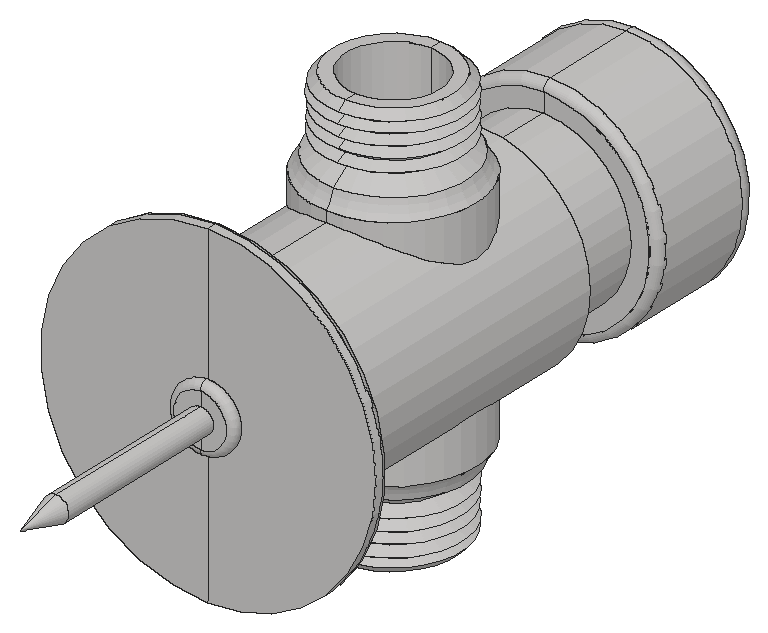
Revit family
Parameters (values of type "Type 1")
  WarrantyDurationUnit = "10 years"
  WarrantyDescription = "Any manufacturing defect"
  Version = "v1"
  URL = "http://www.delabie.com"
  Type Comments = "Exposed time flow valve"
  SerialNumber = "3456330009690"
  Radius = 10.3 mm
  ProductInformation = "http://www.delabie.com/products/777000"
  Operation = "Time flow valve"
  NominalHeight = 62 mm
  Name = "TEMPOSTOP"
  ModelNumber = "777000"
  Model = "TEMPOSTOP"
  Material = Solid brass
  ManufacturerURL = "http://www.delabie.com"
  ManufacturerName = "DELABIE"
  Manufacturer = "DELABIE"
  IntegralAccessoryOptions = "Neck tube, floor trap, siphon"
  FlowRate lps = "0.15 lps at 3 bar"
  FlowRate lpm = "9 lpm at 3 bar"
  Finish = Chrome-plated
  Features  = "Exposed time flow urinal valve:\r\nFor standard, siphon action, or stall urinals.\r\nTime flow ~3 sec.\r\nFlow rate pre-set at 0.15 l/sec., can be adjusted.\r\nChrome-plated solid brass body M½\".\r\nWall plate.\r\nStraight for in-line inlet."
  Description = "French manufacturer Delabie is a leader in the European sanitary ware market for non-domestic places. Water controls, solutions for disabled people, sanitary ware, for schools, leisure centres, offices, hospitals, airports…"
  Category = "Urinal valve"
  CW Connection = no
  Assembly Code = ""
Reference planes
  plane 1: y = 0
  plane 2 "Center (Left/Right)": x = 125
  plane 3 "Back": y = 75
Forms (mm)
  Revolve 1, solid, material "Solid brass"
    sketch origin (125.195, 98.525, 189.953) x (0, 0, -1) y (0, 1, 0)
      loop
        line (0, 58.655) -> (-9.137, 58.655)
        arc (-9.137, 58.655) -> (-12.669, 58.035) -> (-16.079, 56.924) r 25.371
        arc (-16.079, 56.924) -> (-17.063, 56.003) -> (-17.178, 54.659) r 1.88
        line (-17.178, 54.659) -> (-17.178, 40.452)
        arc (-17.178, 40.452) -> (-16.777, 39.485) -> (-15.81, 39.084) r 1.368
        line (-15.81, 39.084) -> (-13, 39.084) -> (-13, 29.084) -> (-13.595, 28.489) -> (-13.595, 27.5) -> (-16.177, 27.5) -> (-16.177, -16.184) -> (-14.965, -16.184) -> (-24.4, -21.2)
        arc (-24.4, -21.2) -> (-24.811, -21.57) -> (-25, -22.09) r 1.142
        line (-25, -22.09) -> (-25, -23.525) -> (-4.915, -23.525)
        arc (-4.915, -23.525) -> (-4.807, -24.514) -> (-3.931, -24.985) r 1.068
        line (-3.931, -24.985) -> (-1.894, -24.985) -> (-1.894, -51.931) -> (0, -58.6) -> (0, 58.655)
      axis (0, -58.6) -> (0, 58.655)
    angle from 0 to 360
  Revolve 2, solid, material "Solid brass"
    sketch origin (125.195, 98.525, 189.953) x (0, 0, -1) y (0, 1, 0)
      loop
        line (-31, 11) -> (-10, 11) -> (-10, 23.416) -> (-17.66, 23.416)
        arc (-17.66, 23.416) -> (-18.878, 22.584) -> (-20.255, 22.053) r 6.374
        line (-20.255, 22.053) -> (-22.079, 19.448) -> (-23.123, 21.256) -> (-23.986, 19.762) -> (-24.979, 21.179) -> (-25.826, 19.712) -> (-26.647, 21.133) -> (-27.486, 19.679) -> (-28.401, 21.266) -> (-29.188, 19.903) -> (-29.86, 21.067) -> (-31, 19.927) -> (-31, 11)
      loop
        line (31, 11) -> (31, 19.927) -> (29.86, 21.067) -> (29.188, 19.903) -> (28.401, 21.266) -> (27.486, 19.679) -> (26.647, 21.133) -> (25.826, 19.712) -> (24.979, 21.179) -> (23.986, 19.762) -> (23.123, 21.256) -> (22.079, 19.448) -> (20.255, 22.053)
        arc (20.255, 22.053) -> (18.878, 22.584) -> (17.66, 23.416) r 6.374
        line (17.66, 23.416) -> (10, 23.416) -> (10, 11) -> (31, 11)
      axis (-31, 11) -> (31, 11)
    angle from 0 to 360
  Revolve 3, solid, material "Solid brass", not visible
    sketch origin (125, 98.525, 195.027) x (1, 0, 0) y (0, 1, 0)
      loop
        line (0, 58.655) -> (-9.137, 58.655)
        arc (-9.137, 58.655) -> (-12.669, 58.035) -> (-16.079, 56.924) r 25.371
        arc (-16.079, 56.924) -> (-17.063, 56.003) -> (-17.178, 54.659) r 1.88
        line (-17.178, 54.659) -> (-17.178, 40.452)
        arc (-17.178, 40.452) -> (-16.777, 39.485) -> (-15.81, 39.084) r 1.368
        line (-15.81, 39.084) -> (-13, 39.084) -> (-13, 29.084) -> (-13.595, 28.489) -> (-13.595, 27.5) -> (-16.177, 27.5) -> (-16.177, -16.184) -> (-14.965, -16.184) -> (-24.4, -21.2)
        arc (-24.4, -21.2) -> (-24.811, -21.57) -> (-25, -22.09) r 1.142
        line (-25, -22.09) -> (-25, -23.525) -> (-4.915, -23.525)
        arc (-4.915, -23.525) -> (-4.807, -24.514) -> (-3.931, -24.985) r 1.068
        line (-3.931, -24.985) -> (-1.894, -24.985) -> (-1.894, -51.931) -> (0, -58.6) -> (0, 58.655)
      axis (0, -58.6) -> (0, 58.655)
    angle from 0 to 360
  Revolve 4, solid, material "Solid brass", not visible
    sketch origin (125, 98.525, 195.027) x (1, 0, 0) y (0, 1, 0)
      loop
        line (-31, 11) -> (-10, 11) -> (-10, 23.416) -> (-17.66, 23.416)
        arc (-17.66, 23.416) -> (-18.878, 22.584) -> (-20.255, 22.053) r 6.374
        line (-20.255, 22.053) -> (-22.079, 19.448) -> (-23.123, 21.256) -> (-23.986, 19.762) -> (-24.979, 21.179) -> (-25.826, 19.712) -> (-26.647, 21.133) -> (-27.486, 19.679) -> (-28.401, 21.266) -> (-29.188, 19.903) -> (-29.86, 21.067) -> (-31, 19.927) -> (-31, 11)
      loop
        line (31, 11) -> (31, 19.927) -> (29.86, 21.067) -> (29.188, 19.903) -> (28.401, 21.266) -> (27.486, 19.679) -> (26.647, 21.133) -> (25.826, 19.712) -> (24.979, 21.179) -> (23.986, 19.762) -> (23.123, 21.256) -> (22.079, 19.448) -> (20.255, 22.053)
        arc (20.255, 22.053) -> (18.878, 22.584) -> (17.66, 23.416) r 6.374
        line (17.66, 23.416) -> (10, 23.416) -> (10, 11) -> (31, 11)
      axis (-31, 11) -> (31, 11)
    angle from 0 to 360
  Revolve 5, solid, material "Solid brass", not visible
    sketch origin (125, 98.525, 195.027) x (1, 0, 0) y (0, 1, 0)
      loop
        line (0, 58.655) -> (-9.137, 58.655)
        arc (-9.137, 58.655) -> (-12.669, 58.035) -> (-16.079, 56.924) r 25.371
        arc (-16.079, 56.924) -> (-17.063, 56.003) -> (-17.178, 54.659) r 1.88
        line (-17.178, 54.659) -> (-17.178, 40.452)
        arc (-17.178, 40.452) -> (-16.777, 39.485) -> (-15.81, 39.084) r 1.368
        line (-15.81, 39.084) -> (-13, 39.084) -> (-13, 29.084) -> (-13.595, 28.489) -> (-13.595, 27.5) -> (-16.177, 27.5) -> (-16.177, -16.184) -> (-14.965, -16.184) -> (-24.4, -21.2)
        arc (-24.4, -21.2) -> (-24.811, -21.57) -> (-25, -22.09) r 1.142
        line (-25, -22.09) -> (-25, -23.525) -> (-4.915, -23.525)
        arc (-4.915, -23.525) -> (-4.807, -24.514) -> (-3.931, -24.985) r 1.068
        line (-3.931, -24.985) -> (-1.894, -24.985) -> (-1.894, -51.931) -> (0, -58.6) -> (0, 58.655)
      axis (0, -58.6) -> (0, 58.655)
    angle from 0 to 360
  Revolve 6, solid, material "Solid brass", not visible
    sketch origin (125, 98.525, 195.027) x (1, 0, 0) y (0, 1, 0)
      loop
        line (-31, 11) -> (-10, 11) -> (-10, 23.416) -> (-17.66, 23.416)
        arc (-17.66, 23.416) -> (-18.878, 22.584) -> (-20.255, 22.053) r 6.374
        line (-20.255, 22.053) -> (-22.079, 19.448) -> (-23.123, 21.256) -> (-23.986, 19.762) -> (-24.979, 21.179) -> (-25.826, 19.712) -> (-26.647, 21.133) -> (-27.486, 19.679) -> (-28.401, 21.266) -> (-29.188, 19.903) -> (-29.86, 21.067) -> (-31, 19.927) -> (-31, 11)
      loop
        line (31, 11) -> (31, 19.927) -> (29.86, 21.067) -> (29.188, 19.903) -> (28.401, 21.266) -> (27.486, 19.679) -> (26.647, 21.133) -> (25.826, 19.712) -> (24.979, 21.179) -> (23.986, 19.762) -> (23.123, 21.256) -> (22.079, 19.448) -> (20.255, 22.053)
        arc (20.255, 22.053) -> (18.878, 22.584) -> (17.66, 23.416) r 6.374
        line (17.66, 23.416) -> (10, 23.416) -> (10, 11) -> (31, 11)
      axis (-31, 11) -> (31, 11)
    angle from 0 to 360
  Extrusion 7, void
    sketch origin (-69.832, 0, 143.702) x (1, 0, 0) y (0, 1, 0)
      loop
        circle (195.073, 109.546) r 7
    from 15.251 to 25.996
  Extrusion 8, void
    sketch origin (-69.832, 0, 243.033) x (1, 0, 0) y (0, 1, 0)
      loop
        circle (195.073, 109.546) r 7
    from -32.824 to -22.079
  Extrusion 9, void, not visible
    sketch origin (125, 0, 0) x (0, 1, 0) y (0, 0, 1)
      loop
        circle (109.546, 195.073) r 7
    from 22.079 to 31
  Extrusion 10, void, not visible
    sketch origin (71.921, 0, 0) x (0, 1, 0) y (0, 0, 1)
      loop
        circle (109.546, 195.073) r 7
    from -32.824 to -22.079
  Revolve 11, solid, material "Solid brass", not visible
    sketch origin (125.195, 98.525, 189.953) x (0, 0, -1) y (0, 1, 0)
      loop
        line (0, 58.655) -> (-9.137, 58.655)
        arc (-9.137, 58.655) -> (-12.669, 58.035) -> (-16.079, 56.924) r 25.371
        arc (-16.079, 56.924) -> (-17.063, 56.003) -> (-17.178, 54.659) r 1.88
        line (-17.178, 54.659) -> (-17.178, 40.452)
        arc (-17.178, 40.452) -> (-16.777, 39.485) -> (-15.81, 39.084) r 1.368
        line (-15.81, 39.084) -> (-13, 39.084) -> (-13, 29.084) -> (-13.595, 28.489) -> (-13.595, 27.5) -> (-16.177, 27.5) -> (-16.177, -16.184) -> (-14.965, -16.184) -> (-24.4, -21.2)
        arc (-24.4, -21.2) -> (-24.811, -21.57) -> (-25, -22.09) r 1.142
        line (-25, -22.09) -> (-25, -23.525) -> (-4.915, -23.525)
        arc (-4.915, -23.525) -> (-4.807, -24.514) -> (-3.931, -24.985) r 1.068
        line (-3.931, -24.985) -> (-1.894, -24.985) -> (-1.894, -51.931) -> (0, -58.6) -> (0, 58.655)
      axis (0, -58.6) -> (0, 58.655)
    angle from 0 to 360
  Revolve 12, solid, material "Solid brass", not visible
    sketch origin (125.195, 98.525, 189.953) x (0, 0, -1) y (0, 1, 0)
      loop
        line (-31, 11) -> (-10, 11) -> (-10, 23.416) -> (-17.66, 23.416)
        arc (-17.66, 23.416) -> (-18.878, 22.584) -> (-20.255, 22.053) r 6.374
        line (-20.255, 22.053) -> (-22.079, 19.448) -> (-23.123, 21.256) -> (-23.986, 19.762) -> (-24.979, 21.179) -> (-25.826, 19.712) -> (-26.647, 21.133) -> (-27.486, 19.679) -> (-28.401, 21.266) -> (-29.188, 19.903) -> (-29.86, 21.067) -> (-31, 19.927) -> (-31, 11)
      loop
        line (31, 11) -> (31, 19.927) -> (29.86, 21.067) -> (29.188, 19.903) -> (28.401, 21.266) -> (27.486, 19.679) -> (26.647, 21.133) -> (25.826, 19.712) -> (24.979, 21.179) -> (23.986, 19.762) -> (23.123, 21.256) -> (22.079, 19.448) -> (20.255, 22.053)
        arc (20.255, 22.053) -> (18.878, 22.584) -> (17.66, 23.416) r 6.374
        line (17.66, 23.416) -> (10, 23.416) -> (10, 11) -> (31, 11)
      axis (-31, 11) -> (31, 11)
    angle from 0 to 360
  Extrusion 13, void, not visible
    sketch origin (-69.832, 0, 143.702) x (1, 0, 0) y (0, 1, 0)
      loop
        circle (195.073, 109.546) r 7
    from 15.251 to 25.996
  Extrusion 14, void, not visible
    sketch origin (-69.832, 0, 243.033) x (1, 0, 0) y (0, 1, 0)
      loop
        circle (195.073, 109.546) r 7
    from -32.824 to -22.079
Cuts and joins
  Extrusion 7, Extrusion 8 cuts Revolve 1
  Extrusion 7, Extrusion 8 cuts Revolve 2
Text (mm)
  text "Placement side" at (-1787.139, 592.35, 0), in view "Ref. Level"
  text "Placement side" at (0, 1827.695, 2917.686), in view "Left"
  text "Placement side" at (0, 562.268, 3853.606), in view "Right"
Dimensions and locks
  locked: plane 3 "Back" to host wall at 0
  locked: plane 3 "Back" to Revolve 1 at 0
  aligned and locked: host wall to plane 1
  aligned and locked: cut or joined group of Revolve 2, Extrusion 7, Extrusion 8 to Extrusion 8
  aligned and locked: Extrusion 8 to cut or joined group of Revolve 2, Extrusion 7, Extrusion 8
  aligned and locked: Extrusion 7 to cut or joined group of Revolve 2, Extrusion 7, Extrusion 8
  aligned and locked: cut or joined group of Revolve 2, Extrusion 7, Extrusion 8 to Extrusion 7
Connectors
  piping at (125.241, 109.546, 210.208), driven by "Radius", driven by "CW Connection"
    settings: on cut or joined group of Revolve 2, Extrusion 7, Extrusion 8, index 1, connector radius 10.3 mm, flow factor 0, pipe flow 0.0 L/s, pressure drop 0.0 Pa, fitting loss kfactor 0, connector angle 0.00°, fixture units 0, flow configuration 1, flow direction 1, fitting loss method 0, system type 20, connector reference index -1, connector utility 0, adjustable connector no, is connector primary yes, fitting loss table "", connector description "In cold water"
